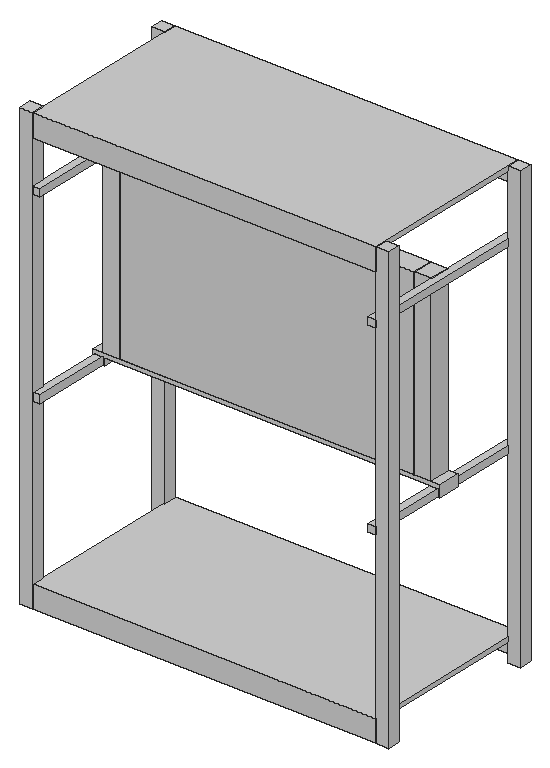
Revit family "WS48", category Specialty Equipment, Revit 2012
Parameters (values of type "Suspended Maxi in Wide Span (Default)")
  Width = 4' - 0"
  URL = "http://madixinc.com/store/widespan/core.html"
  Model = "Wide Span"
  Manufacturer = "© 2012 Madix, Inc. All rights reserved."
  Shelf Depth = 2' - 0"
  Height = 5' - 0"
Reference planes (in)
  plane 1 "Center (Front/Back)": y = 0
  plane 2: z = 0
  plane 3 "Center (Left/Right)": x = 0
  plane 4: x = -23.125
  plane 5: x = 23.125
  plane 6: y = 12
  plane 7: y = -12
  plane 8: z = 60
  plane 9: x = 24.875
  plane 10: x = -24.875
  plane 11: x = -24
  plane 12: x = 24
  plane 13: y = 1.5
  plane 14: y = -1.5
  plane 15: z = 51.18906
Forms (in)
  Extrusion 1, solid, material "Metal - Steel"
    sketch origin (-18, -16.25, 0) x (0, -1, 0) y (0, 0, -1)
      loop
        line (-28.25, 0) -> (-28.25, -3) -> (-4.25, -3) -> (-4.25, 0) -> (-4.375, 0) -> (-4.375, -2.375) -> (-28.125, -2.375) -> (-28.125, 0) -> (-28.25, 0)
    from -5.125 to 41.125
  Extrusion 2, solid, material "Metal - Steel"
    sketch origin (-18, -16.25, 129) x (0, -1, 0) y (0, 0, -1)
      loop
        line (-28.25, 72) -> (-28.25, 69) -> (-4.25, 69) -> (-4.25, 72) -> (-4.375, 72) -> (-4.375, 69.625) -> (-28.125, 69.625) -> (-28.125, 72) -> (-28.25, 72)
    from -5.125 to 41.125
  Extrusion 3, solid, material "Metal - Steel"
    sketch origin (0, 0, 0) x (1, 0, 0) y (0, 1, 0)
      loop
        line (-23.125, 12) -> (-24.875, 12) -> (-24.875, 10.25) -> (-23.125, 10.25) -> (-23.125, 12)
      loop
        line (23.125, 12) -> (23.125, 10.25) -> (24.875, 10.25) -> (24.875, 12) -> (23.125, 12)
      loop
        line (-23.125, -12) -> (-23.125, -10.25) -> (-24.875, -10.25) -> (-24.875, -12) -> (-23.125, -12)
      loop
        line (23.125, -12) -> (24.875, -12) -> (24.875, -10.25) -> (23.125, -10.25) -> (23.125, -12)
    from 0 to 60
  Extrusion 4, solid, material "Metal - Steel"
    sketch origin (0, 0, 0) x (1, 0, 0) y (0, 0, 1)
      loop
        line (-23.125, 26.18906) -> (-23.125, 25.18906) -> (-22.125, 25.18906) -> (-22.125, 26.18906) -> (-23.125, 26.18906)
      loop
        line (23.125, 26.18906) -> (22.125, 26.18906) -> (22.125, 25.18906) -> (23.125, 25.18906) -> (23.125, 26.18906)
      loop
        line (-23.125, 51.18906) -> (-23.125, 50.18906) -> (-22.125, 50.18906) -> (-22.125, 51.18906) -> (-23.125, 51.18906)
      loop
        line (23.125, 51.18906) -> (22.125, 51.18906) -> (22.125, 50.18906) -> (23.125, 50.18906) -> (23.125, 51.18906)
    from -12 to 12
  Extrusion 5, solid, material "Metal - Steel"
    sketch origin (0, 0, 0) x (1, 0, 0) y (0, 0, 1)
      loop
        line (-23.125, 25.18906) -> (-23.125, 26.18906) -> (-22.125, 26.18906) -> (-22.125, 25.18906) -> (-21.875, 25.18906) -> (-21.875, 26.18906) -> (21.875, 26.18906) -> (21.875, 25.18906) -> (22.125, 25.18906) -> (22.125, 26.18906) -> (23.125, 26.18906) -> (23.125, 25.18906) -> (23.375, 25.18906) -> (23.375, 26.68906) -> (-23.375, 26.68906) -> (-23.375, 25.18906) -> (-23.125, 25.18906)
    from -1.5 to 1.5
  Extrusion 6, solid, material "Metal - Steel"
    sketch origin (0, 0, 0) x (1, 0, 0) y (0, 1, 0)
      loop
        line (-22.125, 1.375) -> (-22.125, -1.375) -> (-19.875, -1.375) -> (-19.875, 1.375) -> (-22.125, 1.375)
      loop
        line (22.125, 1.375) -> (19.875, 1.375) -> (19.875, -1.375) -> (22.125, -1.375) -> (22.125, 1.375)
      loop
        line (-19.84231, 1.375) -> (-19.84231, -1.375) -> (19.84231, -1.375) -> (19.84231, 1.375) -> (-19.84231, 1.375)
    from 26.68906 to 51.18906
Dimensions and locks (in)
  equal spacing: plane 7, plane 1 "Center (Front/Back)", plane 6
  "Shelf Depth": plane 7 to plane 6
  "Height": plane 8 to level
  plane 10 to plane 11 to plane 4 = 0' - 0 7/8" locked, 0' - 0 7/8" locked
  plane 5 to plane 12 to plane 9 = 0' - 0 7/8" locked, 0' - 0 7/8" locked
  equal spacing: plane 11, plane 3 "Center (Left/Right)", plane 12
  "Width": plane 11 to plane 12
  aligned and locked: level to plane 2
  aligned and locked: Extrusion 1 to plane 4
  aligned and locked: Extrusion 1 to plane 5
  aligned and locked: plane 6 to Extrusion 1
  aligned and locked: plane 7 to Extrusion 1
  aligned and locked: Extrusion 1 to level
  aligned and locked: Extrusion 1 to plane 2
  aligned and locked: Extrusion 2 to plane 5
  aligned and locked: Extrusion 2 to plane 4
  aligned and locked: plane 7 to Extrusion 2
  aligned and locked: Extrusion 2 to plane 6
  aligned and locked: Extrusion 1 to Extrusion 3  (x2)
  aligned and locked: plane 4 to Extrusion 3  (x2)
  aligned and locked: plane 5 to Extrusion 3  (x2)
  aligned and locked: Extrusion 3 to Extrusion 1  (x2)
  aligned and locked: plane 8 to Extrusion 3
  aligned and locked: plane 9 to Extrusion 3
  aligned and locked: plane 10 to Extrusion 3
  aligned and locked: Extrusion 3 to Extrusion 2
  aligned and locked: Extrusion 4 to Extrusion 1  (x2)
  aligned and locked: plane 15 to Extrusion 4
Automatic sketch dimensions
  Extrusion 1 sketch curve to level = 0' - 0"  (x2)
  Extrusion 1 sketch curve to plane 6 = 0' - 0"
  Extrusion 1 sketch curve to plane 7 = 0' - 0"
  plane 6 to Extrusion 1 sketch curve = 0' - 0 1/8"
  Extrusion 1 sketch curve to plane 7 = 0' - 0 1/8"
  level to Extrusion 1 sketch curve = 0' - 2 3/8"
  Extrusion 1 sketch curve to Extrusion 1 sketch curve = 0' - 0 5/8"
  Extrusion 2 sketch curve to plane 6 = 0' - 0"
  Extrusion 2 sketch curve to plane 7 = 0' - 0"
  plane 6 to Extrusion 2 sketch curve = 0' - 0 1/8"
  Extrusion 2 sketch curve to plane 7 = 0' - 0 1/8"
  level to Extrusion 2 sketch curve = 5' - 0"
  Extrusion 2 sketch curve to Extrusion 2 sketch curve = 0' - 0 5/8"
  Extrusion 2 sketch curve to Extrusion 2 sketch curve = 0' - 2 3/8"  (x2)
  plane 7 to Extrusion 3 sketch curve = 0' - 0"  (x2)
  plane 6 to Extrusion 3 sketch curve = 0' - 0"  (x2)
  Extrusion 3 sketch curve to plane 4 = 0' - 0"  (x2)
  Extrusion 3 sketch curve to plane 5 = 0' - 0"  (x2)
  Extrusion 3 sketch curve to plane 4 = 0' - 1 3/4"
  Extrusion 3 sketch curve to Extrusion 3 sketch curve = 0' - 1 3/4"  (x2)
  Extrusion 3 sketch curve to plane 5 = 0' - 1 3/4"
  Extrusion 3 sketch curve to plane 7 = 0' - 1 3/4"  (x2)
  plane 6 to Extrusion 3 sketch curve = 0' - 1 3/4"  (x2)
  Extrusion 4 sketch curve to plane 4 = 0' - 0"  (x2)
  plane 5 to Extrusion 4 sketch curve = 0' - 0"  (x2)
  plane 4 to Extrusion 4 sketch curve = 0' - 1"  (x2)
  plane 5 to Extrusion 4 sketch curve = 0' - 1"  (x2)
  level to Extrusion 4 sketch curve = 2' - 1.18906"  (x2)
  Extrusion 4 sketch curve to Extrusion 4 sketch curve = 0' - 1"  (x4)
  Extrusion 4 sketch curve to Extrusion 4 sketch curve = 2' - 0"  (x2)
  Extrusion 5 sketch curve to plane 4 = 0' - 0"
  plane 5 to Extrusion 5 sketch curve = 0' - 0"
  Extrusion 5 sketch curve to Extrusion 5 sketch curve = 0' - 0 1/4"  (x3)
  plane 4 to Extrusion 5 sketch curve = 0' - 1"
  Extrusion 5 sketch curve to Extrusion 5 sketch curve = 0' - 1 1/4"
  Extrusion 5 sketch curve to plane 5 = 0' - 0 1/4"
  level to Extrusion 5 sketch curve = 2' - 1.18906"  (x2)
  Extrusion 5 sketch curve to Extrusion 5 sketch curve = 0' - 0"  (x4)
  Extrusion 5 sketch curve to Extrusion 5 sketch curve = 0' - 1"
  Extrusion 5 sketch curve to Extrusion 5 sketch curve = 0' - 0 1/2"
  Extrusion 6 sketch curve to plane 14 = 0' - 0 1/8"  (x2)
  plane 4 to Extrusion 6 sketch curve = 0' - 1"
  Extrusion 6 sketch curve to Extrusion 6 sketch curve = 0' - 2 1/4"
  Extrusion 6 sketch curve to Extrusion 6 sketch curve = 0' - 0.03269"  (x2)
  plane 5 to Extrusion 6 sketch curve = 0' - 3.28269"
  Extrusion 6 sketch curve to plane 13 = 0' - 0 1/8"  (x3)
  plane 5 to Extrusion 6 sketch curve = 0' - 1"
  Extrusion 6 sketch curve to Extrusion 6 sketch curve = 0' - 0"
